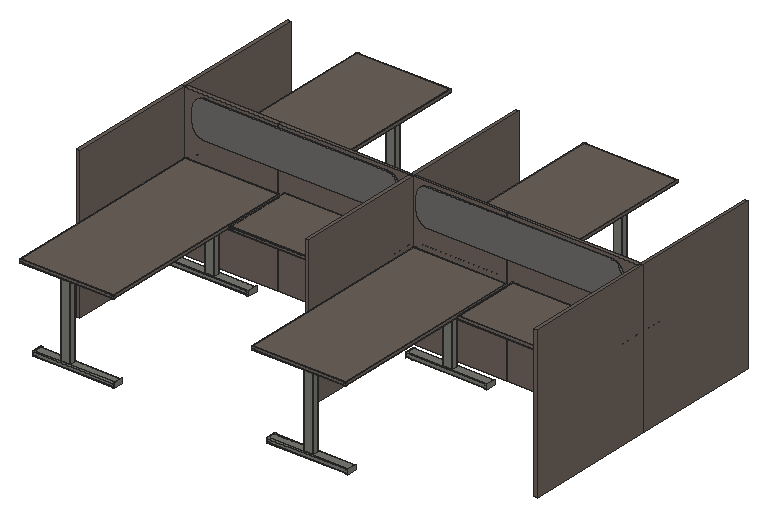
Revit family "T200182", category Furniture, Revit 2015
Parameters (values of type "T200182")
  staks Spine or Divider Wall = STAKS SURFACE LG
  Wire Manager Material = OFS STAKS PET Wire Manager Material
  URL = "https://ofs.com/"
  Staks Worksurface Height Drawer Handle = OFS STAKS Handle Material
  Staks Worksurface Height Drawer = OFS STAKS Drawer Front Material
  Staks Worksurface Height Chasis = OFS STAKS Chasis Wood Grain Laminate
  Staks Rectangular Worksurface = STAKS SURFACE EDGE
  Staks Fabric Tackboard = STAKS FABRIC TACKBOARD
  Staks Corner Shelf Veneer = OFS STAKS Surface Material
  Staks Corner Shelf Edge = OFS STAKS Edge Material
  Staks Corner Shelf 3D Laminate = OFS STAKS Laminate Material
  Staks Center Electric Leg Caps = OFS STAKS Leg Caps Material
  Staks Center Electric Column Leg Caps = OFS STAKS Metal Base Material
  Staks  Benching Rectangular Worksurface = STAKS SURFACE EDGE
  Model = "T200182"
  Manufacturer = "OFS"
  Description = "OFS TYPICAL T200182"
  Copyright © = "©OFS 2020"
  Catalog = "https://ofs.com/2020-experience"
  Authoring Version = "Autodesk Revit Architecture 2015"
  Assembly Code = "E2020400"
Reference planes (in)
  plane 1 "Center Front/Back": y = 0
  plane 2: z = 0
  plane 3 "Center Left/Right": x = 0
Dimensions and locks (in)
  nested 3 to nested 3 = 66.00"
  aligned and locked: level to plane 2
Nested families (in)
  nested 1: "STAKS CORNER SHELF FOR WALL PANEL" at (-67.96693, -5.09619, -6.5) x (0.7071, 0.7071, 0) z (0, 0, 1), type "STAKS CORNER SHELF FOR WALL PANEL"
    with Height Above Floor 29.00"
  nested 2: "STAKS RECTANGULAR WORKSURFACES Long Grain" at (7.05498, -24.33365, 0) x (-1, 0, 0) z (0, 0, 1), type "STAKS RECTANGULAR WORKSURFACE 40 x 22"
    with Height Above Floor 29.00", Width 40.00"
  nested 3: "STAKS RECTANGULAR WORKSURFACES Worksurface Height" at (-72.83823, -75.53566, 0) x (0.0006, 1, 0) z (0, 0, 1), type "STAKS RECTANGULAR WORKSURFACE 66 x 30"
    with Height Above Floor 29.00"
  nested 4: "STAKS BENCHING RECTANGULAR WORKSURFACES" at (-72.83365, -5.55498, 0) x (0, 1, 0) z (0, 0, 1), type "STAKS BENCHING RECTANGULAR WORKSURFACE 64.5 X 31"
    with SURFACE DEPTH 30.00", SURFACE WIDTH 64.50"
  nested 5: "STAKS BENCHING RECTANGULAR WORKSURFACES" at (0.16634, -6.05498, 0) x (0, 1, 0) z (0, 0, 1), type "STAKS BENCHING RECTANGULAR WORKSURFACE 64 X 30"
    with SURFACE DEPTH 30.00", SURFACE WIDTH 64.50"
  nested 6: "STAKS BENCHING RECTANGULAR WORKSURFACES" at (0.04135, -74.05498, 0) x (0, 1, 0) z (0, 0, 1), type "STAKS BENCHING RECTANGULAR WORKSURFACE 64.5 X 31"
    with SURFACE DEPTH 30.00", SURFACE WIDTH 64.50"
  nested 7: "STAKS RECTANGULAR WORKSURFACES Long Grain" at (80.05498, -24.33365, 0) x (-1, 0, 0) z (0, 0, 1), type "STAKS RECTANGULAR WORKSURFACE 40 x 22"
    with Height Above Floor 29.00", Width 40.00"
  nested 8: "STAKS RECTANGULAR WORKSURFACES Long Grain" at (7.05498, 24.33365, 0) x (-1, 0, 0) z (0, 0, 1), type "STAKS RECTANGULAR WORKSURFACE 40 x 22"
    with Height Above Floor 29.00", Width 40.00"
  nested 9: "STAKS RECTANGULAR WORKSURFACES Long Grain" at (80.05498, 24.33365, 0) x (-1, 0, 0) z (0, 0, 1), type "STAKS RECTANGULAR WORKSURFACE 40 x 22"
    with Height Above Floor 29.00", Width 40.00"
  nested 10: "STAKS RECTANGULAR WORKSURFACES Long Grain" at (80.05498, 1.33365, 0) x (-1, 0, 0) z (0, 0, 1), type "STAKS RECTANGULAR WORKSURFACE 40 x 22"
    with Height Above Floor 29.00", Width 40.00"
  nested 11: "STAKS WORKSURFACE HEIGHT PEDESTAL - BOX-BOX-FILE - NO RISER SUPPORT" at (-29.28961, -23.00035, 0), type "STAKS WORKSURFACE HEIGHT PEDESTAL - BOX-BOX-FILE - NO RISER SUPPORT 19in D"
  nested 12: "STAKS WORKSURFACE HEIGHT PEDESTAL - BOX-BOX-FILE - NO RISER SUPPORT" at (-29.28961, 23.00035, 0), type "STAKS WORKSURFACE HEIGHT PEDESTAL - BOX-BOX-FILE - NO RISER SUPPORT 19in D"
  nested 13: "STAKS WORKSURFACE HEIGHT PEDESTAL - BOX-BOX-FILE - NO RISER SUPPORT" at (43.71039, -23.00035, 0), type "STAKS WORKSURFACE HEIGHT PEDESTAL - BOX-BOX-FILE - NO RISER SUPPORT 19in D"
  nested 14: "STAKS WORKSURFACE HEIGHT PEDESTAL - BOX-BOX-FILE - NO RISER SUPPORT" at (43.71039, 23.00035, 0), type "STAKS WORKSURFACE HEIGHT PEDESTAL - BOX-BOX-FILE - NO RISER SUPPORT 19in D"
  nested 15: "STAKS CORNER SHELF FOR WALL PANEL" at (-67.96693, 5.09619, -6.5) x (0.7071, -0.7071, 0) z (0, 0, 1), type "STAKS CORNER SHELF FOR WALL PANEL"
    with Height Above Floor 29.00"
  nested 16: "STAKS CORNER SHELF FOR WALL PANEL" at (5.03307, -5.09619, -6.5) x (0.7071, 0.7071, 0) z (0, 0, 1), type "STAKS CORNER SHELF FOR WALL PANEL"
    with Height Above Floor 29.00"
  nested 17: "STAKS CORNER SHELF FOR WALL PANEL" at (5.03307, 5.09619, -6.5) x (0.7071, -0.7071, 0) z (0, 0, 1), type "STAKS CORNER SHELF FOR WALL PANEL"
    with Height Above Floor 29.00"
  nested 18: "STAKS SPINE OR DIVIDER WALL 48in" at (-80.05498, 2.33365, 0), type "STAKS SPINE OR DIVIDER WALL 48in X 30in"
    with Height Above Floor 48.00"
  nested 19: "STAKS SPINE OR DIVIDER WALL 48in" at (-50.05498, 2.33365, 0), type "STAKS SPINE OR DIVIDER WALL 48in X 42in"
    with Height Above Floor 48.00"
  nested 20: "STAKS SPINE OR DIVIDER WALL 48in" at (-7.05498, 2.33365, 0), type "STAKS SPINE OR DIVIDER WALL 48in X 30in"
    with Height Above Floor 48.00"
  nested 21: "STAKS SPINE OR DIVIDER WALL 48in" at (22.94502, 2.33365, 0), type "STAKS SPINE OR DIVIDER WALL 48in X 42in"
    with Height Above Floor 48.00"
  nested 22: "STAKS SPINE OR DIVIDER WALL 48in" at (-75.33365, -49.55498, 0) x (0, 1, 0) z (0, 0, 1), type "STAKS SPINE OR DIVIDER WALL 48in X 42in"
    with Height Above Floor 48.00"
  nested 23: "STAKS SPINE OR DIVIDER WALL 48in" at (-2.33365, -49.55498, 0) x (0, 1, 0) z (0, 0, 1), type "STAKS SPINE OR DIVIDER WALL 48in X 42in"
    with Height Above Floor 48.00"
  nested 24: "STAKS SPINE OR DIVIDER WALL 48in" at (70.66635, -49.55498, 0) x (0, 1, 0) z (0, 0, 1), type "STAKS SPINE OR DIVIDER WALL 48in X 42in"
    with Height Above Floor 48.00"
  nested 25: "STAKS SPINE OR DIVIDER WALL 48in" at (-75.33365, 49.55498, 0) x (0, -1, 0) z (0, 0, 1), type "STAKS SPINE OR DIVIDER WALL 48in X 42in"
    with Height Above Floor 48.00"
  nested 26: "STAKS SPINE OR DIVIDER WALL 48in" at (-2.33365, 49.55498, 0) x (0, -1, 0) z (0, 0, 1), type "STAKS SPINE OR DIVIDER WALL 48in X 42in"
    with Height Above Floor 48.00"
  nested 27: "STAKS SPINE OR DIVIDER WALL 48in" at (70.66635, 49.55498, 0) x (0, -1, 0) z (0, 0, 1), type "STAKS SPINE OR DIVIDER WALL 48in X 42in"
    with Height Above Floor 48.00"
  nested 28: "STAKS FABRIC TACKBOARD WITH ROUNDED CORNERS FOR SPINE OR DIVIDER WALL" at (-77.01397, 1.27762, -0.5), type "STAKS FABRIC TACKBOARD WITH ROUNDED CORNERS FOR SPINE OR DIVIDER WALL 18H x 49-73.9375W."
    with Height Above Floor 47.50"
  nested 29: "STAKS FABRIC TACKBOARD WITH ROUNDED CORNERS FOR SPINE OR DIVIDER WALL" at (-5.55498, 1.33365, -0.5), type "STAKS FABRIC TACKBOARD WITH ROUNDED CORNERS FOR SPINE OR DIVIDER WALL 18H x 49-73.9375W."
    with Height Above Floor 47.50"
  nested 30: "STAKS FABRIC TACKBOARD WITH ROUNDED CORNERS FOR SPINE OR DIVIDER WALL" at (-77.01397, -1.27762, -0.5), type "STAKS FABRIC TACKBOARD WITH ROUNDED CORNERS FOR SPINE OR DIVIDER WALL 18H x 49-73.9375W."
    with Height Above Floor 47.50"
  nested 31: "STAKS FABRIC TACKBOARD WITH ROUNDED CORNERS FOR SPINE OR DIVIDER WALL" at (-5.55498, -1.33365, -0.5), type "STAKS FABRIC TACKBOARD WITH ROUNDED CORNERS FOR SPINE OR DIVIDER WALL 18H x 49-73.9375W."
    with Height Above Floor 47.50"
  nested 32: "STAKS CENTER ELECTRIC ADJUSTABLE HEIGHT BASE Rectangular" at (-56.38027, -22.78545, 0) x (0, -1, 0) z (0, 0, 1), type "STAKS CENTER ELECTRIC ADJUSTABLE HEIGHT BASE 30in Rectangular"
    with Height 27.875"
  nested 33: "STAKS OFFSET ELECTRIC ADJUSTABLE HEIGHT BASE Rectangular" at (-61.62465, -47.25, 0) x (0, 1, 0) z (0, 0, 1), type "STAKS OFFSET ELECTRIC ADJUSTABLE HEIGHT BASE 30in Rectangular"
    with Height 27.875"
  nested 34: "STAKS CENTER ELECTRIC ADJUSTABLE HEIGHT BASE Rectangular" at (-53.40038, 45.75, 0) x (0, -1, 0) z (0, 0, 1), type "STAKS CENTER ELECTRIC ADJUSTABLE HEIGHT BASE 30in Rectangular"
    with Height 27.875"
  nested 35: "STAKS CENTER ELECTRIC ADJUSTABLE HEIGHT BASE Rectangular" at (-53.40038, 22.75545, 0) x (0, 1, 0) z (0, 0, 1), type "STAKS CENTER ELECTRIC ADJUSTABLE HEIGHT BASE 30in Rectangular"
    with Height 27.875"
  nested 36: "STAKS CENTER ELECTRIC ADJUSTABLE HEIGHT BASE Rectangular" at (19.59962, 45.25, 0) x (0, -1, 0) z (0, 0, 1), type "STAKS CENTER ELECTRIC ADJUSTABLE HEIGHT BASE 30in Rectangular"
    with Height 27.875"
  nested 37: "STAKS CENTER ELECTRIC ADJUSTABLE HEIGHT BASE Rectangular" at (19.59962, 22.75545, 0) x (0, 1, 0) z (0, 0, 1), type "STAKS CENTER ELECTRIC ADJUSTABLE HEIGHT BASE 30in Rectangular"
    with Height 27.875"
  nested 38: "STAKS CENTER ELECTRIC ADJUSTABLE HEIGHT BASE Rectangular" at (19.59962, -45.25, 0) x (0, 1, 0) z (0, 0, 1), type "STAKS CENTER ELECTRIC ADJUSTABLE HEIGHT BASE 30in Rectangular"
    with Height 27.875"
  nested 39: "STAKS CENTER ELECTRIC ADJUSTABLE HEIGHT BASE Rectangular" at (19.59962, -22.75545, 0) x (0, -1, 0) z (0, 0, 1), type "STAKS CENTER ELECTRIC ADJUSTABLE HEIGHT BASE 30in Rectangular"
    with Height 27.875"
  nested 40: "STAKS PET HIGH BACK WIRE MANAGER to Underside of Worksurface" at (6.73479, -24.31563, 0) x (0, 1, 0) z (0, 0, 1), type "STAKS PET HIGH BACK WIRE MANAGER Mounts to Underside of Worksurface 32in"
    with Height Above Floor 28.50"
  nested 41: "STAKS PET HIGH BACK WIRE MANAGER to Underside of Worksurface" at (-66.46651, -25.62416, 0) x (0, 1, 0) z (0, 0, 1), type "STAKS PET HIGH BACK WIRE MANAGER Mounts to Underside of Worksurface 32in"
    with Height Above Floor 28.50"
  nested 42: "STAKS PET HIGH BACK WIRE MANAGER to Underside of Worksurface" at (-65.94589, 25.39176, 0) x (0, 1, 0) z (0, 0, 1), type "STAKS PET HIGH BACK WIRE MANAGER Mounts to Underside of Worksurface 32in"
    with Height Above Floor 28.50"
  nested 43: "STAKS PET HIGH BACK WIRE MANAGER to Underside of Worksurface" at (6.80411, 25.39176, 0) x (0, 1, 0) z (0, 0, 1), type "STAKS PET HIGH BACK WIRE MANAGER Mounts to Underside of Worksurface 32in"
    with Height Above Floor 28.50"
Definition of nested family "STAKS CORNER SHELF FOR WALL PANEL"
  Parameters (values of type "STAKS CORNER SHELF FOR WALL PANEL")
    Width = 21.00"
    Veneer Material = none
    URL = "http://www.ofs.com/"
    Height Above Floor [instance] = 29.00"
    Height = 0.75"
    Edge Material = none
    Model = "6-2108SHLF"
    Manufacturer = "OFS"
    Description = "OFS STAKS CORNER SHELF FOR WALL PANEL"
    Depth = 8.00"
    Copyright © = "© 2018 OFS"
    Catalog = "https://ofs.com/products/casegoods/private-office/staks"
    Authoring Version = "Autodesk Revit Architecture 2013"
    Assembly Code = "E2020200"
    3D Laminate Material = none
  Reference planes (in)
    plane 1 "Center (Front/Back)": y = 0
    plane 2: z = 0
    plane 3 "Center (Left/Right)": x = 0
    plane 4: x = 10.5
    plane 5: x = -10.5
    plane 6: y = 4
    plane 7: y = -4
    plane 8: z = 28.25
    plane 9: z = 29
  Forms (in)
    Extrusion 1, solid, material <- "3D Laminate Material"
      sketch origin (3.56329, 81.33771, 7) x (-1, 0, 0) y (0, -1, 0)
        loop
          line (14.06329, 85.33771) -> (-6.93671, 85.33771) -> (1.06329, 77.33771) -> (6.06329, 77.33771) -> (14.06329, 85.33771)
      from 22 to 21.25
  Dimensions and locks (in)
    equal spacing: plane 5, plane 3 "Center (Left/Right)", plane 4
    "Width": plane 5 to plane 4
    "Depth": plane 6 to plane 7
    equal spacing: plane 7, plane 1 "Center (Front/Back)", plane 6
    "Height": plane 9 to plane 8
    "Height Above Floor": plane 9 to level
    aligned and locked: level to plane 2
    aligned and locked: plane 9 to Extrusion 1
    aligned and locked: Extrusion 1 to plane 8
    aligned and locked: plane 4 to Extrusion 1 sketch curve
    aligned and locked: Extrusion 1 sketch curve to plane 6
  Automatic sketch dimensions
    plane 7 to Extrusion 1 sketch curve = 0.00"
    plane 3 "Center (Left/Right)" to Extrusion 1 sketch curve = 2.50"
    Extrusion 1 sketch curve to plane 3 "Center (Left/Right)" = 2.50"
    Extrusion 1 sketch curve to plane 5 = 0.00"
Definition of nested family "STAKS RECTANGULAR WORKSURFACES Long Grain"
  Parameters (values of type "STAKS RECTANGULAR WORKSURFACE 42 x 22")
    URL = "http://www.ofs.com/"
    Staks Rectangular Worksurface = none
    Height Above Floor [instance] = 29.00"
    Height = 1.125"
    Depth = 22.00"
    Model = "6-MCT-42/22"
    Manufacturer = "OFS"
    Description = "OFS STAKS 42 X 22 RECTANGULAR WORKSURFACE For Worksurface or Low Height Applications, Long Grain"
    Width = 42.00"
    Copyright © = "© 2018 OFS"
    Catalog = "https://ofs.com/products/casegoods/private-office/staks"
    Authoring Version = "Autodesk Revit Architecture 2013"
    Assembly Code = "E2020200"
  Types (26): name | Model | Description | Width
    STAKS RECTANGULAR WORKSURFACE 15.625 x 22 | "6-MCT-15.625/22" | "OFS STAKS 15.625 X 22 RECTANGULAR WORKSURFACE For Worksurface or Low Height Applications, Long Grain" | 15.625"
    STAKS RECTANGULAR WORKSURFACE 24 x 22 | "6-MCT-24/22" | "OFS STAKS 24 X 22 RECTANGULAR WORKSURFACE For Worksurface or Low Height Applications, Long Grain" | 24.00"
    STAKS RECTANGULAR WORKSURFACE 30 x 22 | "6-MCT-30/22" | "OFS STAKS 30 X 22 RECTANGULAR WORKSURFACE For Worksurface or Low Height Applications, Long Grain" | 30.00"
    STAKS RECTANGULAR WORKSURFACE 34 x 22 | "6-MCT-34/22" | "OFS STAKS 34 X 22 RECTANGULAR WORKSURFACE For Worksurface or Low Height Applications, Long Grain" | 34.00"
    STAKS RECTANGULAR WORKSURFACE 36 x 22 | "6-MCT-36/22" | "OFS STAKS 36 X 22 RECTANGULAR WORKSURFACE For Worksurface or Low Height Applications, Long Grain" | 36.00"
    STAKS RECTANGULAR WORKSURFACE 42 x 22 | "6-MCT-42/22" | "OFS STAKS 42 X 22 RECTANGULAR WORKSURFACE For Worksurface or Low Height Applications, Long Grain" | 42.00"
    STAKS RECTANGULAR WORKSURFACE 46 x 22 | "6-MCT-46/22" | "OFS STAKS 46 X 22 RECTANGULAR WORKSURFACE For Worksurface or Low Height Applications, Long Grain" | 46.00"
    STAKS RECTANGULAR WORKSURFACE 48 x 22 | "6-MCT-48/22" | "OFS STAKS 48 X 22 RECTANGULAR WORKSURFACE For Worksurface or Low Height Applications, Long Grain" | 48.00"
    STAKS RECTANGULAR WORKSURFACE 48.5 x 22 | "6-MCT-48.5/22" | "OFS STAKS 48.5 X 22 RECTANGULAR WORKSURFACE For Worksurface or Low Height Applications, Long Grain" | 48.50"
    STAKS RECTANGULAR WORKSURFACE 54 x 22 | "6-MCT-54/22" | "OFS STAKS 54 X 22 RECTANGULAR WORKSURFACE For Worksurface or Low Height Applications, Long Grain" | 54.00"
    STAKS RECTANGULAR WORKSURFACE 55.5 x 22 | "6-MCT-55.5/22" | "OFS STAKS 55.5 X 22 RECTANGULAR WORKSURFACE For Worksurface or Low Height Applications, Long Grain" | 55.50"
    STAKS RECTANGULAR WORKSURFACE 59 x 22 | "6-MCT-59/22" | "OFS STAKS 59 X 22 RECTANGULAR WORKSURFACE For Worksurface or Low Height Applications, Long Grain" | 59.00"
    STAKS RECTANGULAR WORKSURFACE 60 x 22 | "6-MCT-60/22" | "OFS STAKS 60 X 22 RECTANGULAR WORKSURFACE For Worksurface or Low Height Applications, Long Grain" | 60.00"
    STAKS RECTANGULAR WORKSURFACE 64 x 22 | "6-MCT-64/22" | "OFS STAKS 64 X 22 RECTANGULAR WORKSURFACE For Worksurface or Low Height Applications, Long Grain" | 64.00"
    STAKS RECTANGULAR WORKSURFACE 66 x 22 | "6-MCT-66/22" | "OFS STAKS 66 X 22 RECTANGULAR WORKSURFACE For Worksurface or Low Height Applications, Long Grain" | 66.00"
    STAKS RECTANGULAR WORKSURFACE 69.625 x 22 | "6-MCT-69.625/22" | "OFS STAKS 69.625 X 22 RECTANGULAR WORKSURFACE For Worksurface or Low Height Applications, Long Grain" | 69.625"
    STAKS RECTANGULAR WORKSURFACE 70.5 x 22 | "6-MCT-70.5/22" | "OFS STAKS 70.5 X 22 RECTANGULAR WORKSURFACE For Worksurface or Low Height Applications, Long Grain" | 70.50"
    STAKS RECTANGULAR WORKSURFACE 72 x 22 | "6-MCT-72/22" | "OFS STAKS 72 X 22 RECTANGULAR WORKSURFACE For Worksurface or Low Height Applications, Long Grain" | 72.00"
    STAKS RECTANGULAR WORKSURFACE 74 x 22 | "6-MCT-74/22" | "OFS STAKS 74 X 22 RECTANGULAR WORKSURFACE For Worksurface or Low Height Applications, Long Grain" | 74.00"
    STAKS RECTANGULAR WORKSURFACE 78 x 22 | "6-MCT-78/22" | "OFS STAKS 78 X 22 RECTANGULAR WORKSURFACE For Worksurface or Low Height Applications, Long Grain" | 78.00"
    STAKS RECTANGULAR WORKSURFACE 82.5 x 22 | "6-MCT-82.5/22" | "OFS STAKS 82.5 X 22 RECTANGULAR WORKSURFACE For Worksurface or Low Height Applications, Long Grain" | 82.50"
    STAKS RECTANGULAR WORKSURFACE 84 x 22 | "6-MCT-84/22" | "OFS STAKS 84 X 22 RECTANGULAR WORKSURFACE For Worksurface or Low Height Applications, Long Grain" | 84.00"
    STAKS RECTANGULAR WORKSURFACE 87.625 x 22 | "6-MCT-87.625/22" | "OFS STAKS 87.625 X 22 RECTANGULAR WORKSURFACE For Worksurface or Low Height Applications, Long Grain" | 87.625"
    STAKS RECTANGULAR WORKSURFACE 90 x 22 | "6-MCT-90/22" | "OFS STAKS 90 X 22 RECTANGULAR WORKSURFACE For Worksurface or Low Height Applications, Long Grain" | 90.00"
    STAKS RECTANGULAR WORKSURFACE 94 x 22 | "6-MCT-94/22" | "OFS STAKS 94 X 22 RECTANGULAR WORKSURFACE For Worksurface or Low Height Applications, Long Grain" | 94.00"
    STAKS RECTANGULAR WORKSURFACE 96 x 22 | "6-MCT-96/22" | "OFS STAKS 96 X 22 RECTANGULAR WORKSURFACE For Worksurface or Low Height Applications, Long Grain" | 96.00"
  Reference planes (in)
    plane 1: z = -0.125
    plane 2 "LEFT": x = 7.55498
    plane 3 "RIGHT": x = 49.55498
    plane 4 "BACK": y = -1.83365
    plane 5 "FRONT": y = -23.83365
    plane 6: x = 7.67998
    plane 7: x = 49.42998
    plane 8: y = -1.95865
    plane 9: y = -23.70865
    plane 10: z = 27.75
    plane 11 "SURFACE TOP": z = 28.875
  Forms (in)
    Extrusion 1, solid, material <- "Staks Rectangular Worksurface"
      sketch origin (0, 0, 17.125) x (-1, 0, 0) y (0, -1, 0)
        loop
          line (-7.67998, 1.95865) -> (-7.67998, 23.70865) -> (-49.42998, 23.70865) -> (-49.42998, 1.95865) -> (-7.67998, 1.95865)
      from 11.75 to 10.625
    Sweep 2, solid
      path origin (0, 0, 28.875) x (0, 1, 0) y (-1, 0, 0)
        loop
          line (-23.83365, -7.55498) -> (-23.83365, -49.55498) -> (-1.83365, -49.55498) -> (-1.83365, -7.55498) -> (-23.83365, -7.55498)
      profile origin (28.55498, -23.83365, 28.875) x (0, 1, 0) y (0, 0, 1)
        loop
          arc (0.125, 0) -> (0.03661, -0.03661) -> (0, -0.125) r 0.125
          line (0, -0.125) -> (0, -1)
          arc (0, -1) -> (0.03661, -1.08839) -> (0.125, -1.125) r 0.125
          line (0.125, -1.125) -> (0.125, 0)
  Lines and regions (in)
    Masking region 1
      outline origin (0, 0, 16.625) x (-1, 0, 0) y (0, -1, 0)
        loop
          line (-7.67998, 1.95865) -> (-7.55498, 1.83365) -> (-7.55498, 23.83365) -> (-7.67998, 23.70865) -> (-7.67998, 1.95865)
    Masking region 2
      outline origin (0, 0, 16.625) x (-1, 0, 0) y (0, -1, 0)
        loop
          line (-7.55498, 1.83365) -> (-7.67998, 1.95865) -> (-49.42998, 1.95865) -> (-49.55498, 1.83365) -> (-7.55498, 1.83365)
    Masking region 3
      outline origin (0, 0, 16.625) x (-1, 0, 0) y (0, -1, 0)
        loop
          line (-49.55498, 1.83365) -> (-49.42998, 1.95865) -> (-49.42998, 23.70865) -> (-49.55498, 23.83365) -> (-49.55498, 1.83365)
    Masking region 4
      outline origin (0, 0, 16.625) x (-1, 0, 0) y (0, -1, 0)
        loop
          line (-49.55498, 23.83365) -> (-49.42998, 23.70865) -> (-7.67998, 23.70865) -> (-7.55498, 23.83365) -> (-49.55498, 23.83365)
    Masking region 5
      outline origin (0, 0, 16.625) x (-1, 0, 0) y (0, -1, 0)
        loop
          line (-49.42998, 23.70865) -> (-49.42998, 1.95865) -> (-7.67998, 1.95865) -> (-7.67998, 23.70865) -> (-49.42998, 23.70865)
  Dimensions and locks (in)
    "Depth": plane 4 "BACK" to plane 5 "FRONT"
    "Width": plane 2 "LEFT" to plane 3 "RIGHT"
    "Height": plane 11 "SURFACE TOP" to plane 10
    locked: plane 4 "BACK" to plane 8 at 0.125
    locked: plane 2 "LEFT" to plane 6 at 0.125
    locked: plane 7 to plane 3 "RIGHT" at 0.125
    locked: plane 9 to plane 5 "FRONT" at 0.125
    "Height Above Floor": plane 11 "SURFACE TOP" to level
    aligned: level to plane 1
    aligned and locked: plane 8 to Extrusion 1 sketch curve
    aligned and locked: Extrusion 1 sketch curve to plane 6
    aligned and locked: Extrusion 1 sketch curve to plane 9
    aligned and locked: plane 7 to Extrusion 1 sketch curve
    aligned and locked: plane 11 "SURFACE TOP" to Extrusion 1
    aligned and locked: Extrusion 1 to plane 10
    aligned and locked: Sweep 2 sketch curve to plane 5 "FRONT"
    aligned and locked: Sweep 2 sketch curve to plane 2 "LEFT"
    aligned and locked: plane 4 "BACK" to Sweep 2 sketch curve
    aligned and locked: plane 3 "RIGHT" to Sweep 2 sketch curve
  Automatic sketch dimensions
    Masking region 1 sketch curve to plane 6 = 0.00"
    Masking region 1 sketch curve to plane 2 "LEFT" = 0.00"
    Masking region 1 sketch curve to plane 4 "BACK" = 0.00"
    Masking region 1 sketch curve to plane 8 = 0.00"
    Masking region 1 sketch curve to plane 9 = 0.00"
    Masking region 1 sketch curve to plane 5 "FRONT" = 0.00"
    Masking region 2 sketch curve to plane 3 "RIGHT" = 0.00"
    Masking region 2 sketch curve to plane 7 = 0.00"
    Masking region 2 sketch curve to plane 6 = 0.00"
    Masking region 2 sketch curve to plane 2 "LEFT" = 0.00"
    Masking region 2 sketch curve to plane 4 "BACK" = 0.00"
    Masking region 2 sketch curve to plane 8 = 0.00"
    Masking region 3 sketch curve to plane 3 "RIGHT" = 0.00"
    Masking region 3 sketch curve to plane 7 = 0.00"
    Masking region 3 sketch curve to plane 4 "BACK" = 0.00"
    Masking region 3 sketch curve to plane 8 = 0.00"
    Masking region 3 sketch curve to plane 9 = 0.00"
    Masking region 3 sketch curve to plane 5 "FRONT" = 0.00"
    Masking region 4 sketch curve to plane 3 "RIGHT" = 0.00"
    Masking region 4 sketch curve to plane 7 = 0.00"
    Masking region 4 sketch curve to plane 6 = 0.00"
    Masking region 4 sketch curve to plane 2 "LEFT" = 0.00"
    Masking region 4 sketch curve to plane 9 = 0.00"
    Masking region 4 sketch curve to plane 5 "FRONT" = 0.00"
    Masking region 5 sketch curve to plane 7 = 0.00"
    Masking region 5 sketch curve to plane 6 = 0.00"
    Masking region 5 sketch curve to plane 8 = 0.00"
    Masking region 5 sketch curve to plane 9 = 0.00"
    Sweep 2 sketch curve to profile plane = 0.00"
    Sweep 2 sketch curve to plane 11 "SURFACE TOP" = 0.00"
    Sweep 2 sketch curve to profile plane = 0.125"
    Sweep 2 sketch curve to Sweep 2 sketch curve = 0.875"
Definition of nested family "STAKS RECTANGULAR WORKSURFACES Worksurface Height"
  Parameters (values of type "STAKS RECTANGULAR WORKSURFACE 66 x 30")
    URL = "http://www.ofs.com/"
    Staks Rectangular Worksurface = none
    Height Above Floor [instance] = 29.00"
    Height = 1.125"
    Depth = 30.00"
    Model = "6-MCT-66/30"
    Manufacturer = "OFS"
    Description = "OFS STAKS 66\" X 30\" RECTANGULAR WORKSURFACE For Worksurface or Low Height Applications, Short Grain"
    Width = 66.00"
    Copyright © = "© 2018 OFS"
    Catalog = "https://ofs.com/products/casegoods/private-office/staks"
    Authoring Version = "Autodesk Revit Architecture 2013"
    Assembly Code = "E2020200"
  Reference planes (in)
    plane 1: z = -0.125
    plane 2 "LEFT": x = 7.55498
    plane 3 "RIGHT": x = 73.55498
    plane 4 "BACK": y = -1.83365
    plane 5 "FRONT": y = -31.83365
    plane 6: x = 7.67998
    plane 7: x = 73.42998
    plane 8: y = -1.95865
    plane 9: y = -31.70865
    plane 10: z = 27.75
    plane 11 "SURFACE TOP": z = 28.875
  Forms (in)
    Extrusion 1, solid
      sketch origin (0, 0, 17.125) x (-1, 0, 0) y (0, -1, 0)
        loop
          line (-7.67998, 1.95865) -> (-7.67998, 31.70865) -> (-73.42998, 31.70865) -> (-73.42998, 1.95865) -> (-7.67998, 1.95865)
      from 11.75 to 10.625
    Sweep 2, solid, material <- "Staks Rectangular Worksurface"
      path origin (0, 0, 28.875) x (0, 1, 0) y (-1, 0, 0)
        loop
          line (-31.83365, -7.55498) -> (-31.83365, -73.55498) -> (-1.83365, -73.55498) -> (-1.83365, -7.55498) -> (-31.83365, -7.55498)
      profile origin (40.55498, -31.83365, 28.875) x (0, 1, 0) y (0, 0, 1)
        loop
          arc (0.125, 0) -> (0.03661, -0.03661) -> (0, -0.125) r 0.125
          line (0, -0.125) -> (0, -1)
          arc (0, -1) -> (0.03661, -1.08839) -> (0.125, -1.125) r 0.125
          line (0.125, -1.125) -> (0.125, 0)
  Lines and regions (in)
    Masking region 1
      outline origin (0, 0, 16.625) x (-1, 0, 0) y (0, -1, 0)
        loop
          line (-7.67998, 1.95865) -> (-7.55498, 1.83365) -> (-7.55498, 31.83365) -> (-7.67998, 31.70865) -> (-7.67998, 1.95865)
    Masking region 2
      outline origin (0, 0, 16.625) x (-1, 0, 0) y (0, -1, 0)
        loop
          line (-7.55498, 1.83365) -> (-7.67998, 1.95865) -> (-73.42998, 1.95865) -> (-73.55498, 1.83365) -> (-7.55498, 1.83365)
    Masking region 3
      outline origin (0, 0, 16.625) x (-1, 0, 0) y (0, -1, 0)
        loop
          line (-73.55498, 1.83365) -> (-73.42998, 1.95865) -> (-73.42998, 31.70865) -> (-73.55498, 31.83365) -> (-73.55498, 1.83365)
    Masking region 4
      outline origin (0, 0, 16.625) x (-1, 0, 0) y (0, -1, 0)
        loop
          line (-73.55498, 31.83365) -> (-73.42998, 31.70865) -> (-7.67998, 31.70865) -> (-7.55498, 31.83365) -> (-73.55498, 31.83365)
    Masking region 5
      outline origin (0, 0, 16.625) x (-1, 0, 0) y (0, -1, 0)
        loop
          line (-73.42998, 31.70865) -> (-73.42998, 1.95865) -> (-7.67998, 1.95865) -> (-7.67998, 31.70865) -> (-73.42998, 31.70865)
  Dimensions and locks (in)
    "Depth": plane 4 "BACK" to plane 5 "FRONT"
    "Width": plane 2 "LEFT" to plane 3 "RIGHT"
    "Height": plane 11 "SURFACE TOP" to plane 10
    locked: plane 4 "BACK" to plane 8 at 0.125
    locked: plane 2 "LEFT" to plane 6 at 0.125
    locked: plane 7 to plane 3 "RIGHT" at 0.125
    locked: plane 9 to plane 5 "FRONT" at 0.125
    "Height Above Floor": plane 11 "SURFACE TOP" to level
    aligned: level to plane 1
    aligned and locked: plane 8 to Extrusion 1 sketch curve
    aligned and locked: Extrusion 1 sketch curve to plane 6
    aligned and locked: Extrusion 1 sketch curve to plane 9
    aligned and locked: plane 7 to Extrusion 1 sketch curve
    aligned and locked: plane 11 "SURFACE TOP" to Extrusion 1
    aligned and locked: Extrusion 1 to plane 10
    aligned and locked: Sweep 2 sketch curve to plane 5 "FRONT"
    aligned and locked: Sweep 2 sketch curve to plane 2 "LEFT"
    aligned and locked: plane 4 "BACK" to Sweep 2 sketch curve
    aligned and locked: plane 3 "RIGHT" to Sweep 2 sketch curve
  Automatic sketch dimensions
    Masking region 1 sketch curve to plane 6 = 0.00"
    Masking region 1 sketch curve to plane 2 "LEFT" = 0.00"
    Masking region 1 sketch curve to plane 4 "BACK" = 0.00"
    Masking region 1 sketch curve to plane 8 = 0.00"
    Masking region 1 sketch curve to plane 9 = 0.00"
    Masking region 1 sketch curve to plane 5 "FRONT" = 0.00"
    Masking region 2 sketch curve to plane 3 "RIGHT" = 0.00"
    Masking region 2 sketch curve to plane 7 = 0.00"
    Masking region 2 sketch curve to plane 6 = 0.00"
    Masking region 2 sketch curve to plane 2 "LEFT" = 0.00"
    Masking region 2 sketch curve to plane 4 "BACK" = 0.00"
    Masking region 2 sketch curve to plane 8 = 0.00"
    Masking region 3 sketch curve to plane 3 "RIGHT" = 0.00"
    Masking region 3 sketch curve to plane 7 = 0.00"
    Masking region 3 sketch curve to plane 4 "BACK" = 0.00"
    Masking region 3 sketch curve to plane 8 = 0.00"
    Masking region 3 sketch curve to plane 9 = 0.00"
    Masking region 3 sketch curve to plane 5 "FRONT" = 0.00"
    Masking region 4 sketch curve to plane 3 "RIGHT" = 0.00"
    Masking region 4 sketch curve to plane 7 = 0.00"
    Masking region 4 sketch curve to plane 6 = 0.00"
    Masking region 4 sketch curve to plane 2 "LEFT" = 0.00"
    Masking region 4 sketch curve to plane 9 = 0.00"
    Masking region 4 sketch curve to plane 5 "FRONT" = 0.00"
    Masking region 5 sketch curve to plane 7 = 0.00"
    Masking region 5 sketch curve to plane 6 = 0.00"
    Masking region 5 sketch curve to plane 8 = 0.00"
    Masking region 5 sketch curve to plane 9 = 0.00"
    Sweep 2 sketch curve to profile plane = 0.00"
    Sweep 2 sketch curve to plane 11 "SURFACE TOP" = 0.00"
    Sweep 2 sketch curve to profile plane = 0.125"
    Sweep 2 sketch curve to Sweep 2 sketch curve = 0.875"
Definition of nested family "STAKS BENCHING RECTANGULAR WORKSURFACES"
  Parameters (values of type "STAKS BENCHING RECTANGULAR WORKSURFACE 48 X 22")
    URL = "https://www.ofs.com/"
    Staks Benching Rectangular Worksuface = none
    SURFACE DEPTH = 22.00"
    Model = "6-MCT-48/22"
    Manufacturer = "OFS"
    Description = "OFS STAKS BENCHING 48 X 22 RECTANGULAR WORKSURFACE"
    SURFACE WIDTH = 48.00"
    Copyright © = "© 2018 OFS"
    Catalog = "https://ofs.com/products/open-plan/benching/staks"
    Authoring Version = "Autodesk Revit Architecture 2013"
    Assembly Code = "E2020200"
  Types (21): name | SURFACE DEPTH | Model | Description | SURFACE WIDTH
    STAKS BENCHING RECTANGULAR WORKSURFACE 48 X 22 | 22.00" | "6-MCT-48/22" | "OFS STAKS BENCHING 48 X 22 RECTANGULAR WORKSURFACE" | 48.00"
    STAKS BENCHING RECTANGULAR WORKSURFACE 60 X 22 | 22.00" | "6-MCT-60/22" | "OFS STAKS BENCHING 60 X 22 RECTANGULAR WORKSURFACE" | 60.00"
    STAKS BENCHING RECTANGULAR WORKSURFACE 72 X 22 | 22.00" | "6-MCT-72/22" | "OFS STAKS BENCHING 72 X 22 RECTANGULAR WORKSURFACE" | 72.00"
    STAKS BENCHING RECTANGULAR WORKSURFACE 60 X 36 | 36.00" | "6-MCT-60/36" | "OFS STAKS BENCHING 60 X 36 RECTANGULAR WORKSURFACE" | 60.00"
    STAKS BENCHING RECTANGULAR WORKSURFACE 72 X 36 | 36.00" | "6-MCT-72/36" | "OFS STAKS BENCHING 72 X 36 RECTANGULAR WORKSURFACE" | 72.00"
    STAKS BENCHING RECTANGULAR WORKSURFACE 60 X 30 | 30.00" | "6-MCT-60/30" | "OFS STAKS BENCHING 60 X 30 RECTANGULAR WORKSURFACE" | 60.00"
    STAKS BENCHING RECTANGULAR WORKSURFACE 72 X 30 | 30.00" | "6-MCT-72/30" | "OFS STAKS BENCHING 72 X 30 RECTANGULAR WORKSURFACE" | 72.00"
    STAKS BENCHING RECTANGULAR WORKSURFACE 48 X 30 | 30.00" | "6-MCT-48/30" | "OFS STAKS BENCHING 48 X 30 RECTANGULAR WORKSURFACE" | 48.00"
    STAKS BENCHING RECTANGULAR WORKSURFACE 48 X 36 | 36.00" | "6-MCT-48/36" | "OFS STAKS BENCHING 48 X 36 RECTANGULAR WORKSURFACE" | 48.00"
    STAKS BENCHING RECTANGULAR WORKSURFACE 54 X 22 | 22.00" | "6-MCT-54/22" | "OFS STAKS BENCHING 54 X 22 RECTANGULAR WORKSURFACE" | 54.00"
    STAKS BENCHING RECTANGULAR WORKSURFACE 66 X 22 | 22.00" | "6-MCT-66/22" | "OFS STAKS BENCHING 66 X 22 RECTANGULAR WORKSURFACE" | 66.00"
    STAKS BENCHING RECTANGULAR WORKSURFACE 78 X 22 | 22.00" | "6-MCT-78/22" | "OFS STAKS BENCHING 78 X 22 RECTANGULAR WORKSURFACE" | 78.00"
    STAKS BENCHING RECTANGULAR WORKSURFACE 84 X 22 | 22.00" | "6-MCT-84/22" | "OFS STAKS BENCHING 84 X 22 RECTANGULAR WORKSURFACE" | 84.00"
    STAKS BENCHING RECTANGULAR WORKSURFACE 54 X 30 | 30.00" | "6-MCT-54/30" | "OFS STAKS BENCHING 54 X 30 RECTANGULAR WORKSURFACE" | 54.00"
    STAKS BENCHING RECTANGULAR WORKSURFACE 66 X 30 | 30.00" | "6-MCT-66/30" | "OFS STAKS BENCHING 66 X 30 RECTANGULAR WORKSURFACE" | 66.00"
    STAKS BENCHING RECTANGULAR WORKSURFACE 78 X 30 | 30.00" | "6-MCT-78/30" | "OFS STAKS BENCHING 78 X 30 RECTANGULAR WORKSURFACE" | 78.00"
    STAKS BENCHING RECTANGULAR WORKSURFACE 84 X 30 | 30.00" | "6-MCT-84/30" | "OFS STAKS BENCHING 84 X 30 RECTANGULAR WORKSURFACE" | 84.00"
    STAKS BENCHING RECTANGULAR WORKSURFACE 54 X 36 | 36.00" | "6-MCT-54/36" | "OFS STAKS BENCHING 54 X 36 RECTANGULAR WORKSURFACE" | 54.00"
    STAKS BENCHING RECTANGULAR WORKSURFACE 66 X 36 | 36.00" | "6-MCT-66/36" | "OFS STAKS BENCHING 66 X 36 RECTANGULAR WORKSURFACE" | 66.00"
    STAKS BENCHING RECTANGULAR WORKSURFACE 78 X 36 | 36.00" | "6-MCT-78/36" | "OFS STAKS BENCHING 78 X 36 RECTANGULAR WORKSURFACE" | 78.00"
    STAKS BENCHING RECTANGULAR WORKSURFACE 84 X 36 | 36.00" | "6-MCT-84/36" | "OFS STAKS BENCHING 84 X 36 RECTANGULAR WORKSURFACE" | 78.00"
  Reference planes (in)
    plane 1: z = -0.125
    plane 2 "LEFT": x = 7.55498
    plane 3 "RIGHT": x = 55.55498
    plane 4 "BACK": y = -1.83365
    plane 5 "FRONT": y = -23.83365
    plane 6: x = 7.67998
    plane 7: x = 55.42998
    plane 8: y = -1.95865
    plane 9: y = -23.70865
    plane 10: z = 27.75
    plane 11 "SURFACE TOP": z = 28.875
  Forms (in)
    Extrusion 1, solid
      sketch origin (0, 0, 17.125) x (-1, 0, 0) y (0, -1, 0)
        loop
          line (-7.67998, 1.95865) -> (-7.67998, 23.70865) -> (-55.42998, 23.70865) -> (-55.42998, 1.95865) -> (-7.67998, 1.95865)
      from 11.75 to 10.625
    Sweep 2, solid, material <- "Staks Benching Rectangular Worksuface"
      path origin (0, 0, 28.875) x (0, 1, 0) y (-1, 0, 0)
        loop
          line (-23.83365, -7.55498) -> (-23.83365, -55.55498) -> (-1.83365, -55.55498) -> (-1.83365, -7.55498) -> (-23.83365, -7.55498)
      profile origin (31.55498, -23.83365, 28.875) x (0, 1, 0) y (0, 0, 1)
        loop
          arc (0.125, 0) -> (0.03661, -0.03661) -> (0, -0.125) r 0.125
          line (0, -0.125) -> (0, -1)
          arc (0, -1) -> (0.03661, -1.08839) -> (0.125, -1.125) r 0.125
          line (0.125, -1.125) -> (0.125, 0)
  Lines and regions (in)
    Masking region 1
      outline origin (0, 0, 16.625) x (-1, 0, 0) y (0, -1, 0)
        loop
          line (-7.67998, 1.95865) -> (-7.55498, 1.83365) -> (-7.55498, 23.83365) -> (-7.67998, 23.70865) -> (-7.67998, 1.95865)
    Masking region 2
      outline origin (0, 0, 16.625) x (-1, 0, 0) y (0, -1, 0)
        loop
          line (-7.55498, 1.83365) -> (-7.67998, 1.95865) -> (-55.42998, 1.95865) -> (-55.55498, 1.83365) -> (-7.55498, 1.83365)
    Masking region 3
      outline origin (0, 0, 16.625) x (-1, 0, 0) y (0, -1, 0)
        loop
          line (-55.55498, 1.83365) -> (-55.42998, 1.95865) -> (-55.42998, 23.70865) -> (-55.55498, 23.83365) -> (-55.55498, 1.83365)
    Masking region 4
      outline origin (0, 0, 16.625) x (-1, 0, 0) y (0, -1, 0)
        loop
          line (-55.55498, 23.83365) -> (-55.42998, 23.70865) -> (-7.67998, 23.70865) -> (-7.55498, 23.83365) -> (-55.55498, 23.83365)
    Masking region 5
      outline origin (0, 0, 16.625) x (-1, 0, 0) y (0, -1, 0)
        loop
          line (-55.42998, 23.70865) -> (-55.42998, 1.95865) -> (-7.67998, 1.95865) -> (-7.67998, 23.70865) -> (-55.42998, 23.70865)
  Dimensions and locks (in)
    "SURFACE DEPTH": plane 4 "BACK" to plane 5 "FRONT"
    "SURFACE WIDTH": plane 2 "LEFT" to plane 3 "RIGHT"
    locked: plane 11 "SURFACE TOP" to plane 10 at 1.125
    locked: plane 4 "BACK" to plane 8 at 0.125
    locked: plane 2 "LEFT" to plane 6 at 0.125
    locked: plane 7 to plane 3 "RIGHT" at 0.125
    locked: plane 9 to plane 5 "FRONT" at 0.125
    aligned: level to plane 1
    aligned and locked: plane 8 to Extrusion 1 sketch curve
    aligned and locked: Extrusion 1 sketch curve to plane 6
    aligned and locked: Extrusion 1 sketch curve to plane 9
    aligned and locked: plane 7 to Extrusion 1 sketch curve
    aligned and locked: plane 11 "SURFACE TOP" to Extrusion 1
    aligned and locked: Extrusion 1 to plane 10
    aligned and locked: Sweep 2 sketch curve to plane 5 "FRONT"
    aligned and locked: Sweep 2 sketch curve to plane 2 "LEFT"
    aligned and locked: plane 4 "BACK" to Sweep 2 sketch curve
    aligned and locked: plane 3 "RIGHT" to Sweep 2 sketch curve
  Automatic sketch dimensions
    Masking region 1 sketch curve to plane 6 = 0.00"
    Masking region 1 sketch curve to plane 2 "LEFT" = 0.00"
    Masking region 1 sketch curve to plane 4 "BACK" = 0.00"
    Masking region 1 sketch curve to plane 8 = 0.00"
    Masking region 1 sketch curve to plane 9 = 0.00"
    Masking region 1 sketch curve to plane 5 "FRONT" = 0.00"
    Masking region 2 sketch curve to plane 3 "RIGHT" = 0.00"
    Masking region 2 sketch curve to plane 7 = 0.00"
    Masking region 2 sketch curve to plane 6 = 0.00"
    Masking region 2 sketch curve to plane 2 "LEFT" = 0.00"
    Masking region 2 sketch curve to plane 4 "BACK" = 0.00"
    Masking region 2 sketch curve to plane 8 = 0.00"
    Masking region 3 sketch curve to plane 3 "RIGHT" = 0.00"
    Masking region 3 sketch curve to plane 7 = 0.00"
    Masking region 3 sketch curve to plane 4 "BACK" = 0.00"
    Masking region 3 sketch curve to plane 8 = 0.00"
    Masking region 3 sketch curve to plane 9 = 0.00"
    Masking region 3 sketch curve to plane 5 "FRONT" = 0.00"
    Masking region 4 sketch curve to plane 3 "RIGHT" = 0.00"
    Masking region 4 sketch curve to plane 7 = 0.00"
    Masking region 4 sketch curve to plane 6 = 0.00"
    Masking region 4 sketch curve to plane 2 "LEFT" = 0.00"
    Masking region 4 sketch curve to plane 9 = 0.00"
    Masking region 4 sketch curve to plane 5 "FRONT" = 0.00"
    Masking region 5 sketch curve to plane 7 = 0.00"
    Masking region 5 sketch curve to plane 6 = 0.00"
    Masking region 5 sketch curve to plane 8 = 0.00"
    Masking region 5 sketch curve to plane 9 = 0.00"
    Sweep 2 sketch curve to profile plane = 0.00"
    Sweep 2 sketch curve to plane 11 "SURFACE TOP" = 0.00"
    Sweep 2 sketch curve to profile plane = 0.125"
    Sweep 2 sketch curve to Sweep 2 sketch curve = 0.875"
Definition of nested family "STAKS WORKSURFACE HEIGHT PEDESTAL - BOX-BOX-FILE - NO RISER SUPPORT"
  Parameters (values of type "STAKS WORKSURFACE HEIGHT PEDESTAL - BOX-BOX-FILE - NO RISER SUPPORT 19in D")
    URL = "http://www.ofs.com/"
    Riser Support = 0.00"
    Model = "6-NW1619MPD1"
    Manufacturer = "OFS"
    Height = 27.875"
    Drawer Material = none
    Drawer Handle Width = 5.4375"
    Drawer Handle Material = none
    Description = "OFS STAKS WORKSURFACE HEIGHT PEDESTAL - BOX-BOX-FILE - NO RISER SUPPORT 19\" D, Two Box Drawers, Use with 22\"D Worksurfaces"
    Width = 15.625"
    Depth = 19.375"
    DH2 = 6.50"
    DH1 = 14.375"
    Copyright © = "© 2018 OFS"
    Chasis Material = none
    Catalog = "https://ofs.com/products/casegoods/private-office/staks"
    Board Thickness = 0.75"
    Authoring Version = "Autodesk Revit Architecture 2013"
    Assembly Code = "E2020200"
  Types (6): name | Model | Description | Depth
    STAKS WORKSURFACE HEIGHT PEDESTAL - BOX-BOX-FILE - NO RISER SUPPORT 19in D | "6-NW1619MPD1" | "OFS STAKS WORKSURFACE HEIGHT PEDESTAL - BOX-BOX-FILE - NO RISER SUPPORT 19\" D, Two Box Drawers, Use with 22\"D Worksurfaces" | 19.375"
    STAKS WORKSURFACE HEIGHT PEDESTAL - BOX-BOX-FILE - NO RISER SUPPORT 22in D | "6-NW1622MPD1" | "OFS STAKS WORKSURFACE HEIGHT PEDESTAL - BOX-BOX-FILE - NO RISER SUPPORT 22\" D, Two Box Drawers, Use with 22\"D Worksurfaces" | 21.875"
    STAKS WORKSURFACE HEIGHT PEDESTAL - BOX-BOX-FILE - NO RISER SUPPORT 27in D | "6-NW1627MPD1" | "OFS STAKS WORKSURFACE HEIGHT PEDESTAL - BOX-BOX-FILE - NO RISER SUPPORT 27\" D, Two Box Drawers, Use with 30\"D Worksurfaces" | 27.375"
    STAKS WORKSURFACE HEIGHT PEDESTAL - BOX-BOX-FILE - NO RISER SUPPORT 30in D | "6-NW1630MPD1" | "OFS STAKS WORKSURFACE HEIGHT PEDESTAL - BOX-BOX-FILE - NO RISER SUPPORT 30\" D, Two Box Drawers, Use with 30\"D Worksurfaces" | 29.875"
    STAKS WORKSURFACE HEIGHT PEDESTAL - BOX-BOX-FILE - NO RISER SUPPORT 33in D | "6-NW1633MPD1" | "OFS STAKS WORKSURFACE HEIGHT PEDESTAL - BOX-BOX-FILE - NO RISER SUPPORT 33\" D, Two Box Drawers, Use with 36\"D Worksurfaces" | 33.375"
    STAKS WORKSURFACE HEIGHT PEDESTAL - BOX-BOX-FILE - NO RISER SUPPORT 36in D | "6-NW1636MPD1" | "OFS STAKS WORKSURFACE HEIGHT PEDESTAL - BOX-BOX-FILE - NO RISER SUPPORT 36\" D, Two Box Drawers, Use with 36\"D Worksurfaces" | 35.875"
  Reference planes (in)
    plane 1: z = 0
    plane 2 "Right": x = 20.97711
    plane 3: z = 27.875
    plane 4: z = 14.375
    plane 5: z = 14.25
    plane 6: z = 0
    plane 7: z = 14
    plane 8: z = 27.625
    plane 9: z = 13.531
    plane 10: z = 27.15625
    plane 11: x = 13.16461
    plane 12: y = 1.37535
    plane 13: y = 0.62535
    plane 14: x = 13.22711
    plane 15: x = 28.72661
    plane 16: x = 13.91461
    plane 17: y = 20.00035
    plane 18: x = 28.78961
    plane 19: x = 28.03961
    plane 20: x = 18.25836
    plane 21: x = 18.63336
    plane 22: x = 23.69586
    plane 23: x = 23.32086
    plane 24: y = -0.18715
    plane 25: y = -0.37465
    plane 26: z = 20.875
    plane 27: z = 20.75
    plane 28: z = 20.5
    plane 29: z = 20.031
    plane 30: z = 0.25
    plane 31: y = 19.25035
    plane 32: z = 0.75
    plane 33: y = 16.75035
    plane 34: y = 4.37535
    plane 35: y = 8.37535
    plane 36: y = 12.75035
    plane 37: y = 5.00035
    plane 38: y = 13.37535
    plane 39: z = 28
  Forms (in)
    Extrusion 1, solid, material <- "Drawer Material"
      sketch origin (20.35211, 5, -13.1802) x (0, 1, 0) y (0, 0, 1)
        loop
          line (-4.37465, 27.4302) -> (-4.37465, 13.4302) -> (-3.62465, 13.4302) -> (-3.62465, 27.4302) -> (-4.37465, 27.4302)
      from -7.125 to 8.3745
    Extrusion 2, solid, material <- "Drawer Material"
      sketch origin (20.35211, 2.25, -7.68015) x (0, 1, 0) y (0, 0, 1)
        loop
          line (-1.62465, 28.43015) -> (-1.62465, 22.05515) -> (-0.87465, 22.05515) -> (-0.87465, 28.43015) -> (-1.62465, 28.43015)
      from -7.125 to 8.3745
    Extrusion 3, solid, material <- "Chasis Material"
      sketch origin (-3, -1.24965, 0) x (1, 0, 0) y (0, 0, 1)
        loop
          line (16.16461, 0) -> (16.91461, 0) -> (16.91461, 27.875) -> (16.16461, 27.875) -> (16.16461, 0)
      from -21.25 to -2.625
    Extrusion 4, solid, material <- "Chasis Material"
      sketch origin (19.35211, 31.02324, 0) x (0, 1, 0) y (0, 0, 1)
        loop
          line (-11.77289, 0) -> (-11.02289, 0) -> (-11.02289, 27.875) -> (-11.77289, 27.875) -> (-11.77289, 0)
      from -5.4375 to 8.6875
    Extrusion 5, solid, material <- "Drawer Handle Material"
      sketch origin (9, 0, 9.60933) x (1, 0, 0) y (0, 1, 0)
        loop
          line (9.25836, 0.62535) -> (9.25836, -0.37465) -> (14.69586, -0.37465) -> (14.69586, 0.62535) -> (14.32086, 0.62535) -> (14.32086, -0.18715) -> (9.63336, -0.18715) -> (9.63336, 0.62535) -> (9.25836, 0.62535)
      from 3.92167 to 4.39067
    Extrusion 6, solid, material <- "Drawer Handle Material"
      sketch origin (9, 0, 20.67137) x (1, 0, 0) y (0, 1, 0)
        loop
          line (9.25836, 0.62535) -> (9.25836, -0.37465) -> (14.69586, -0.37465) -> (14.69586, 0.62535) -> (14.32086, 0.62535) -> (14.32086, -0.18715) -> (9.63336, -0.18715) -> (9.63336, 0.62535) -> (9.25836, 0.62535)
      from -0.64037 to -0.17137
    Extrusion 7, solid, material <- "Chasis Material"
      sketch origin (0, 0, 0) x (1, 0, 0) y (0, 1, 0)
        loop
          line (28.78961, 20.00035) -> (28.03961, 20.00035) -> (28.03961, 1.37535) -> (28.78961, 1.37535) -> (28.78961, 20.00035)
      from 0 to 27.875
    Extrusion 8, solid, material <- "Drawer Material"
      sketch origin (20.35211, 2.25, 0.06985) x (0, 1, 0) y (0, 0, 1)
        loop
          line (-1.62465, 27.80515) -> (-1.62465, 20.80515) -> (-0.87465, 20.80515) -> (-0.87465, 27.80515) -> (-1.62465, 27.80515)
      from -7.125 to 8.3745
    Extrusion 9, solid, material <- "Drawer Handle Material"
      sketch origin (9, 0, 28.42137) x (1, 0, 0) y (0, 1, 0)
        loop
          line (9.25836, 0.62535) -> (9.25836, -0.37465) -> (14.69586, -0.37465) -> (14.69586, 0.62535) -> (14.32086, 0.62535) -> (14.32086, -0.18715) -> (9.63336, -0.18715) -> (9.63336, 0.62535) -> (9.25836, 0.62535)
      from -1.26512 to -0.79637
    Extrusion 10, solid, material <- "Chasis Material"
      sketch origin (-29.79592, -1.62465, 7.24693) x (1, 0, 0) y (0, 0, 1)
        loop
          line (43.71054, 19.90932) -> (57.83554, 19.90932) -> (57.83554, 20.62807) -> (43.71054, 20.62807) -> (43.71054, 19.90932)
      from -18.375 to -14.375
    Extrusion 11, solid, material <- "Chasis Material"
      sketch origin (-29.79592, -7.12465, 7.24693) x (1, 0, 0) y (0, 0, 1)
        loop
          line (43.71054, 19.90932) -> (57.83554, 19.90932) -> (57.83554, 20.62807) -> (43.71054, 20.62807) -> (43.71054, 19.90932)
      from -15.5 to -11.5
    Extrusion 12, solid, material <- "Chasis Material"
      sketch origin (-31.5409, -1.62465, -42.72261) x (1, 0, 0) y (0, 0, 1)
        loop
          line (45.45551, 42.72261) -> (59.58051, 42.72261) -> (59.58051, 43.47261) -> (45.45551, 43.47261) -> (45.45551, 42.72261)
      from -20.875 to -3
    Extrusion 13, solid
      sketch origin (0, 0, 0) x (1, 0, 0) y (0, 1, 0)
        loop
          line (28.72661, 20.00035) -> (28.03961, 20.00035) -> (28.03961, 13.37535) -> (13.91461, 13.37535) -> (13.91461, 20.00035) -> (13.22711, 20.00035) -> (13.22711, 0.62535) -> (13.91461, 0.62535) -> (13.91461, 4.37535) -> (28.03961, 4.37535) -> (28.03961, 0.62535) -> (28.72661, 0.62535) -> (28.72661, 20.00035)
        loop
          line (28.03961, 5.00035) -> (28.03961, 12.75035) -> (13.91461, 12.75035) -> (13.91461, 5.00035) -> (28.03961, 5.00035)
      from 27.875 to 28
  Dimensions and locks (in)
    "Board Thickness": plane 13 to plane 12
    locked: plane 11 to plane 14 at 0.0625
    "Board Thickness": plane 11 to plane 16
    locked: plane 15 to plane 18 at 0.063
    "Width": plane 11 to plane 18
    Extrusion 7 sketch curve to plane 18 = 0.75"
    "Board Thickness": plane 19 to plane 18
    equal spacing: plane 11, plane 2 "Right", plane 18
    locked: plane 20 to plane 21 at 0.375
    locked: plane 23 to plane 22 at 0.375
    equal spacing: plane 20, plane 2 "Right", plane 22
    "Drawer Handle Width": plane 20 to plane 22
    plane 25 to plane 24 to plane 13 = 0.1875" locked, 0.8125" locked
    "Riser Support": plane 6 to level
    "Height": plane 3 to plane 6
    "DH1": plane 4 to plane 6
    "DH2": plane 26 to plane 4
    locked: plane 30 to plane 6 at 0.25
    "Board Thickness": plane 31 to plane 17
    "Depth": plane 13 to plane 17
    plane 4 to plane 5 to plane 7 to plane 9 = 0.125" locked, 0.25" locked, 0.469" locked
    plane 26 to plane 27 to plane 28 to plane 29 = 0.125" locked, 0.25" locked, 0.469" locked
    plane 3 to plane 8 to plane 10 = 0.25" locked, 0.46875" locked
    "Board Thickness": plane 32 to plane 6
    plane 12 to plane 34 to plane 35 = 3.00" locked, 4.00" locked
    plane 36 to plane 33 to plane 31 = 4.00" locked, 2.50" locked
    locked: plane 34 to plane 37 at 0.625
    locked: plane 36 to plane 38 at 0.625
    locked: plane 39 to plane 3 at 0.125
    aligned and locked: level to plane 1
    aligned and locked: Extrusion 1 to plane 14
    aligned and locked: plane 15 to Extrusion 1
    aligned and locked: Extrusion 2 to plane 12
    aligned and locked: plane 13 to Extrusion 2
    aligned and locked: plane 15 to Extrusion 2
    aligned and locked: Extrusion 2 to plane 14
    aligned and locked: plane 12 to Extrusion 3
    aligned and locked: Extrusion 3 to plane 17
    aligned and locked: Extrusion 4 to plane 16
    aligned and locked: plane 16 to Extrusion 3
    aligned and locked: Extrusion 3 to plane 11
    aligned and locked: Extrusion 4 to plane 17
    aligned and locked: Extrusion 1 sketch curve to plane 12
    aligned and locked: plane 13 to Extrusion 1 sketch curve
    aligned and locked: plane 19 to Extrusion 4
    aligned and locked: plane 3 to Extrusion 3
    aligned and locked: Extrusion 6 to plane 22
    aligned and locked: Extrusion 5 to plane 22
    aligned and locked: plane 23 to Extrusion 6
    aligned and locked: plane 23 to Extrusion 5
    aligned and locked: plane 21 to Extrusion 6
    aligned and locked: plane 21 to Extrusion 5
    aligned and locked: Extrusion 6 to plane 20
    aligned and locked: Extrusion 5 to plane 20
    aligned and locked: plane 24 to Extrusion 6
    aligned and locked: plane 7 to Extrusion 5
    aligned and locked: Extrusion 5 to plane 9
    aligned and locked: plane 3 to Extrusion 4
    aligned and locked: plane 27 to Extrusion 2
    aligned and locked: Extrusion 6 to plane 29
    aligned and locked: plane 28 to Extrusion 6
    aligned and locked: Extrusion 1 to plane 30
    aligned and locked: Extrusion 8 to plane 26
    aligned and locked: plane 3 to Extrusion 8
    aligned and locked: Extrusion 9 to plane 10
    aligned and locked: plane 8 to Extrusion 9
    aligned and locked: Extrusion 7 to plane 19
    aligned and locked: Extrusion 8 to plane 14
    aligned and locked: plane 15 to Extrusion 8
    aligned and locked: plane 3 to Extrusion 7
    aligned and locked: Extrusion 7 to plane 6
    aligned and locked: plane 3 to Extrusion 10
    aligned and locked: Extrusion 10 to plane 10
    aligned and locked: plane 19 to Extrusion 10
    aligned and locked: Extrusion 10 to plane 16
    aligned and locked: Extrusion 10 to plane 33
    aligned and locked: plane 36 to Extrusion 10
    aligned and locked: plane 34 to Extrusion 11
    aligned and locked: Extrusion 11 to plane 35
    aligned and locked: plane 3 to Extrusion 11
    aligned and locked: Extrusion 11 to plane 10
    aligned and locked: plane 32 to Extrusion 12
    aligned and locked: Extrusion 12 to plane 6
    aligned and locked: Extrusion 12 to plane 31
    aligned and locked: plane 12 to Extrusion 12
    aligned and locked: plane 19 to Extrusion 12
    aligned and locked: Extrusion 12 to plane 16
    aligned and locked: Extrusion 13 to plane 3
    aligned and locked: plane 39 to Extrusion 13
  Automatic sketch dimensions
    Extrusion 1 sketch curve to plane 30 = 0.00"
    Extrusion 1 sketch curve to plane 5 = 0.00"
    Extrusion 2 sketch curve to plane 13 = 0.00"
    Extrusion 2 sketch curve to plane 4 = 0.00"
    Extrusion 2 sketch curve to plane 12 = 0.00"
    Extrusion 2 sketch curve to plane 27 = 0.00"
    Extrusion 3 sketch curve to plane 6 = 0.00"
    Extrusion 3 sketch curve to plane 11 = 0.00"
    Extrusion 3 sketch curve to plane 3 = 0.00"
    Extrusion 3 sketch curve to plane 16 = 0.00"
    Extrusion 4 sketch curve to plane 6 = 0.00"
    Extrusion 4 sketch curve to plane 3 = 0.00"
    Extrusion 4 sketch curve to plane 17 = 0.00"
    plane 31 to Extrusion 4 sketch curve = 0.00"
    plane 13 to Extrusion 5 sketch curve = 0.00"  (x2)
    Extrusion 5 sketch curve to plane 20 = 0.00"
    Extrusion 5 sketch curve to plane 21 = 0.00"
    Extrusion 5 sketch curve to plane 23 = 0.00"
    Extrusion 5 sketch curve to plane 22 = 0.00"
    plane 25 to Extrusion 5 sketch curve = 0.00"
    plane 24 to Extrusion 5 sketch curve = 0.00"
    plane 13 to Extrusion 6 sketch curve = 0.00"  (x2)
    Extrusion 6 sketch curve to plane 20 = 0.00"
    Extrusion 6 sketch curve to plane 21 = 0.00"
    Extrusion 6 sketch curve to plane 23 = 0.00"
    Extrusion 6 sketch curve to plane 22 = 0.00"
    plane 25 to Extrusion 6 sketch curve = 0.00"
    plane 24 to Extrusion 6 sketch curve = 0.00"
    plane 12 to Extrusion 7 sketch curve = 0.00"
    Extrusion 7 sketch curve to plane 18 = 0.00"
    plane 17 to Extrusion 7 sketch curve = 0.00"
    Extrusion 8 sketch curve to plane 3 = 0.00"
    Extrusion 8 sketch curve to plane 13 = 0.00"
    Extrusion 8 sketch curve to plane 12 = 0.00"
    Extrusion 8 sketch curve to plane 26 = 0.00"
    plane 13 to Extrusion 9 sketch curve = 0.00"  (x2)
    Extrusion 9 sketch curve to plane 20 = 0.00"
    Extrusion 9 sketch curve to plane 21 = 0.00"
    Extrusion 9 sketch curve to plane 23 = 0.00"
    Extrusion 9 sketch curve to plane 22 = 0.00"
    plane 25 to Extrusion 9 sketch curve = 0.00"
    plane 24 to Extrusion 9 sketch curve = 0.00"
    Extrusion 10 sketch curve to plane 10 = 0.00"
    Extrusion 10 sketch curve to plane 16 = 0.00"
    Extrusion 10 sketch curve to plane 3 = 0.00"
    Extrusion 10 sketch curve to plane 19 = 0.00"
    Extrusion 11 sketch curve to plane 10 = 0.00"
    Extrusion 11 sketch curve to plane 16 = 0.00"
    Extrusion 11 sketch curve to plane 3 = 0.00"
    Extrusion 11 sketch curve to plane 19 = 0.00"
    plane 14 to Extrusion 12 sketch curve = 0.6875"
    Extrusion 12 sketch curve to plane 6 = 0.00"
    plane 6 to Extrusion 12 sketch curve = 0.75"
    Extrusion 12 sketch curve to plane 19 = 0.00"
    Extrusion 13 sketch curve to plane 14 = 0.00"
    Extrusion 13 sketch curve to plane 19 = 0.00"  (x2)
    Extrusion 13 sketch curve to plane 15 = 0.00"
    plane 13 to Extrusion 13 sketch curve = 0.00"  (x2)
    Extrusion 13 sketch curve to plane 34 = 0.00"
    Extrusion 13 sketch curve to plane 37 = 0.00"
    Extrusion 13 sketch curve to plane 38 = 0.00"
    Extrusion 13 sketch curve to plane 36 = 0.00"
    Extrusion 13 sketch curve to Extrusion 13 sketch curve = 0.00"  (x2)
    Extrusion 13 sketch curve to plane 16 = 0.00"  (x2)
    plane 17 to Extrusion 13 sketch curve = 0.00"  (x2)
Definition of nested family "STAKS SPINE OR DIVIDER WALL 48in"
  Parameters (values of type "STAKS SPINE OR DIVIDER WALL 48in X 30in")
    URL = "http://www.ofs.com/"
    Staks Spine or Divider Wall = none
    Height Above Floor [instance] = 48.00"
    Height = 48.00"
    Depth = 1.00"
    Model = "6-PAN-48/30"
    Manufacturer = "OFS"
    Description = "OFS STAKS SPINE OR DIVIDER WALL 48\" Height x 30\" Width, Levelers allow 2.5\" Height Adjustability for Uneven Floor"
    Width = 30.00"
    Copyright © = "© 2018 OFS"
    Catalog = "https://ofs.com/products/casegoods/private-office/staks"
    Authoring Version = "Autodesk Revit Architecture 2013"
    Assembly Code = "E2020200"
  Types (19): name | Model | Description | Width
    STAKS SPINE OR DIVIDER WALL 48in X 24in | "6-PAN-48/24" | "OFS STAKS SPINE OR DIVIDER WALL 48\" Height x 24\" Width, Levelers allow 2.5\" Height Adjustability for Uneven Floor" | 24.00"
    STAKS SPINE OR DIVIDER WALL 48in X 33in | "6-PAN-48/33" | "OFS STAKS SPINE OR DIVIDER WALL 48\" Height x 33\" Width, Levelers allow 2.5\" Height Adjustability for Uneven Floor" | 33.00"
    STAKS SPINE OR DIVIDER WALL 48in X 26in | "6-PAN-48/26" | "OFS STAKS SPINE OR DIVIDER WALL 48\" Height x 26\" Width, Levelers allow 2.5\" Height Adjustability for Uneven Floor" | 26.00"
    STAKS SPINE OR DIVIDER WALL 48in X 30in | "6-PAN-48/30" | "OFS STAKS SPINE OR DIVIDER WALL 48\" Height x 30\" Width, Levelers allow 2.5\" Height Adjustability for Uneven Floor" | 30.00"
    STAKS SPINE OR DIVIDER WALL 48in X 36in | "6-PAN-48/36" | "OFS STAKS SPINE OR DIVIDER WALL 48\" Height x 36\" Width, Levelers allow 2.5\" Height Adjustability for Uneven Floor" | 36.00"
    STAKS SPINE OR DIVIDER WALL 48in X 37in | "6-PAN-48/37" | "OFS STAKS SPINE OR DIVIDER WALL 48\" Height x 37\" Width, Levelers allow 2.5\" Height Adjustability for Uneven Floor" | 37.00"
    STAKS SPINE OR DIVIDER WALL 48in X 39in | "6-PAN-48/39" | "OFS STAKS SPINE OR DIVIDER WALL 48\" Height x 39\" Width, Levelers allow 2.5\" Height Adjustability for Uneven Floor" | 39.00"
    STAKS SPINE OR DIVIDER WALL 48in X 40in | "6-PAN-48/40" | "OFS STAKS SPINE OR DIVIDER WALL 48\" Height x 40\" Width, Levelers allow 2.5\" Height Adjustability for Uneven Floor" | 40.00"
    STAKS SPINE OR DIVIDER WALL 48in X 42in | "6-PAN-48/42" | "OFS STAKS SPINE OR DIVIDER WALL 48\" Height x 42\" Width, Levelers allow 2.5\" Height Adjustability for Uneven Floor" | 42.00"
    STAKS SPINE OR DIVIDER WALL 48in X 44in | "6-PAN-48/44" | "OFS STAKS SPINE OR DIVIDER WALL 48\" Height x 44\" Width, Levelers allow 2.5\" Height Adjustability for Uneven Floor" | 44.00"
    STAKS SPINE OR DIVIDER WALL 48in X 45in | "6-PAN-48/45" | "OFS STAKS SPINE OR DIVIDER WALL 48\" Height x 45\" Width, Levelers allow 2.5\" Height Adjustability for Uneven Floor" | 45.00"
    STAKS SPINE OR DIVIDER WALL 48in X 47in | "6-PAN-48/47" | "OFS STAKS SPINE OR DIVIDER WALL 48\" Height x 47\" Width, Levelers allow 2.5\" Height Adjustability for Uneven Floor" | 47.00"
    STAKS SPINE OR DIVIDER WALL 48in X 48in | "6-PAN-48/48" | "OFS STAKS SPINE OR DIVIDER WALL 48\" Height x 48\" Width, Levelers allow 2.5\" Height Adjustability for Uneven Floor" | 48.00"
